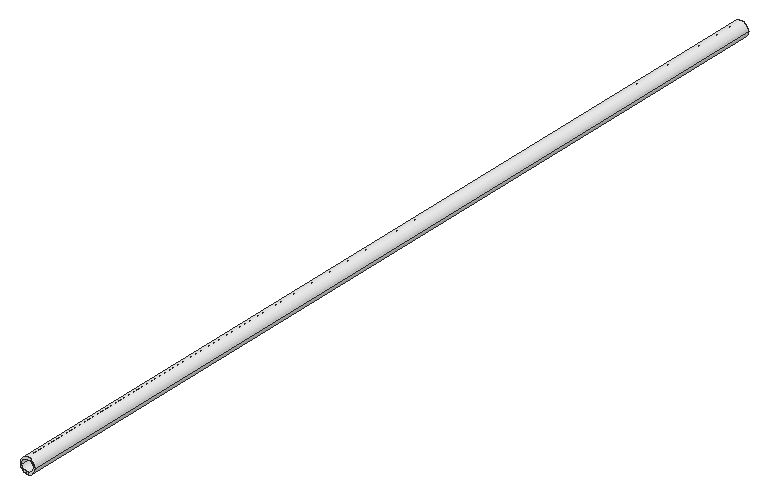
Revit family "111014010025001", category Modelos genéricos, Revit 2018
Family settings
  Puede alojar armadura = No
  Cota de conector redondo = Diámetro de uso
  Tipo de pieza = Normal
  Se basa en plano de trabajo = No
  Siempre vertical = No
  Corte con vacíos al cargar = No
  Compartido = No
  Punto de cálculo de habitación = No
Parameters (values of type "BARRA BANO PP C/ALUMINIO 1" BLANCO TIRA 1.5MT")
  Ventajas = ""
  Uso = "Se instala en los baños para colgar la cortina de las duchas.\r\nEn el caso de ser instalado en el closet, se utiliza para colgar la ropa"
  Unidad = "Tira 1.50 mts."
  URL = "https://www.empresascnp.cl/"
  Num SKUs = "111014010025001"
  Nombre SKU = "BARRA BANO PP C/ALUMINIO 1\" BLANCO TIRA 1.5MT"
  Modelo = "BARRA BANO PP C/ALUMINIO 1\""
  Material = PP con aluminio blanco
  Url Ficha tecnica = "https://empresascnp.cl/wp-content/uploads//pdf/ficha-tecnica-barra-bano-pp-c-acero-1-blanco-tira-1-2mt.pdf"
  Largo = 1500.00 mm
  Espesor = 0.00 mm
  Empresa = "CNP SPA."
  Dureza = ""
  Dimension = 23.00 mm
  Descripción = "Barra Bano PP Aluminio 1\" 1.5M"
  Contacto = "info@empresascnp.cl"
  Color = "Blanco o Café"
  Aplicacion = "Barra de  cortina para baños y uso en closet."
Reference planes
  plane 1 "Center F/B": y = 0
  plane 2: z = 0
  plane 3 "Center L/R": x = 0
  plane 4: z = 23
  plane 5 "2": y = 750
  plane 6 "3": y = -750
Forms (mm)
  Extrusion 1, solid, material "PP con aluminio blanco" <- "Material"
    sketch origin (0, 0, 0) x (1, 0, 0) y (0, 0, 1)
      loop
        circle (0, 25.4) r 12.7
      loop
        circle (0, 25.4) r 9.7
    from -750 to 750
Dimensions and locks
  "Dimension": plane 4 to level
  equal spacing: plane 6 "3", plane 1 "Center F/B", plane 5 "2"
  "Largo": plane 6 "3" to plane 5 "2"
  radius of Extrusion 1 sketch curve = 12.70 mm
  aligned and locked: plane 6 "3" to Extrusion 1
  aligned and locked: Extrusion 1 to plane 5 "2"
Automatic sketch dimensions
  Extrusion 1 sketch curve to plane 3 "Center L/R" = 0.00 mm
  level to Extrusion 1 sketch curve = 25.40 mm
  Extrusion 1 sketch curve to Extrusion 1 sketch curve = 0.00 mm  (x2)
  radius of Extrusion 1 sketch curve = 12.70 mm
  radius of Extrusion 1 sketch curve = 9.70 mm
